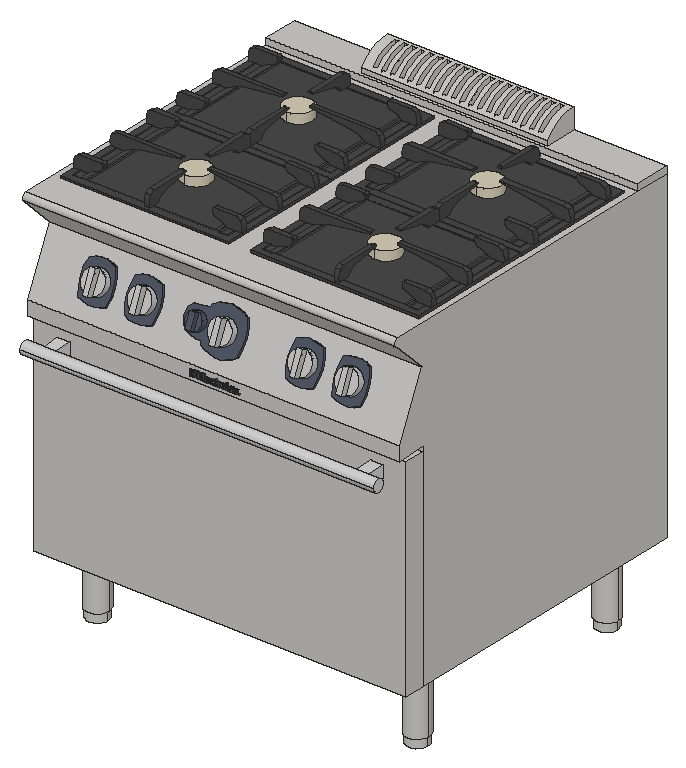
Revit family "QF_ELECTROLUXPROFESSIONAL_371002_E7GCGH4CG0", category Specialty Equipment, Revit 2018
Family settings
  Round Connector Dimension = Use Diameter
  Part Type = Normal
  Work Plane-Based = No
  Always vertical = Yes
  Cut with Voids When Loaded = No
  Shared = No
  Room Calculation Point = No
Parameters
  Width = 800 mm  # constant formula
  Weight in Pounds = 176  # constant formula
  Watts = 0 W
  URL Cutsheet = "www.electrolux.com"
  URL = "www.electrolux.com"
  Type Mark [instance] = ""
  Status [instance] = ""
  Specification by User [instance] = ""
  Specification by Manufacturer = ""
  Show Logo [instance] = yes
  Show Clearance [instance] = yes
  Serial Number = ""
  Seismic Rating = ""
  SMACNA No = ""
  Revision Code [instance] = ""
  Omniclass Number and Title = ""
  NAFEM Spec ID Number = ""
  Model = "371002"
  Mechanical Remarks [instance] = ""
  Mechanical Connection Type [instance] = ""
  Masterspec = ""
  Manufacturer = "ELECTROLUX"
  Item Number [instance] = ""
  Installed By [instance] = ""
  Identify Quantity as Lot [instance] = yes
  Height = 908.9 mm  # constant formula
  HP = "0 HP"
  Gas Size = 12.7 mm  # 1/2"
  Gas RI Height [instance] = 0 mm
  Gas KW [instance] = 28  # constant formula
  Gas Input [instance] = 27974.2 VA  # 95452.0 Btu/h
  Gas Connection Height = 0 mm
  Furnished By [instance] = ""
  Foodservice Equipment Identifier [instance] = yes
  Direct Waste Size = 0"
  Description = "700XP 4-Burner Gas Range on Gas Oven"
  Depth = 700 mm  # constant formula
  CSI MasterFormat = ""
  CSI Master Format = ""
  Assembly Code = ""
Reference planes
  plane 1 "BACK": y = 0
  plane 2: z = 0
  plane 3 "LEFT": x = 0
  plane 4 "RIGHT": x = 800
  plane 5 "FRONT": y = -700
  plane 6 "TOP": z = 908.9
  plane 7 "Center Y": x = 400
  plane 8 "Center X": y = -350
  plane 9 "Base": z = 150
  plane 10: z = 850.9
  plane 11: y = -730.129
  plane 12: y = -1109
Forms (mm)
  Revolve 1, solid, material "QF_Finishes_Stainless Steel"
    sketch origin (1, -90, 0) x (1, 0, 0) y (0, 0, 1)
      loop
        line (55, 0) -> (55, 150) -> (29.6, 150) -> (29.6, 19.05) -> (32.1, 19.05) -> (32.1, 0) -> (55, 0)
      axis (55, 0) -> (55, 150)
    angle from 0 to 360
  Revolve 2, solid, material "QF_Finishes_Stainless Steel"
    sketch origin (1, -599.588, 0) x (1, 0, 0) y (0, 0, 1)
      loop
        line (55, 0) -> (55, 150) -> (29.6, 150) -> (29.6, 19.05) -> (32.1, 19.05) -> (32.1, 0) -> (55, 0)
      axis (55, 0) -> (55, 150)
    angle from 0 to 360
  Revolve 3, solid, material "QF_Finishes_Stainless Steel"
    sketch origin (799, -90, 0) x (-1, 0, 0) y (0, 0, -1)
      loop
        line (55, 0) -> (32.1, 0) -> (32.1, -19.05) -> (29.6, -19.05) -> (29.6, -150) -> (55, -150) -> (55, 0)
      axis (55, 0) -> (55, -150)
    angle from 0 to 360
  Revolve 4, solid, material "QF_Finishes_Stainless Steel"
    sketch origin (799, -599.588, 0) x (-1, 0, 0) y (0, 0, -1)
      loop
        line (55, 0) -> (32.1, 0) -> (32.1, -19.05) -> (29.6, -19.05) -> (29.6, -150) -> (55, -150) -> (55, 0)
      axis (55, 0) -> (55, -150)
    angle from 0 to 360
  Extrusion 5, solid, material "QF_Finishes_Stainless Steel"
    sketch origin (0, 0, 576.213) x (0, 1, 0) y (0, 0, 1)
      loop
        line (0, -426.213) -> (0, 274.687) -> (-721.5, 274.687)
        arc (-721.5, 274.687) -> (-729.472, 269.36) -> (-727.602, 259.956) r 8.63
        line (-727.602, 259.956) -> (-658.266, 190.62) -> (-715.962, 65.264) -> (-715.962, 33.966) -> (-655.839, 38.662)
        arc (-655.839, 38.662) -> (-653.314, 37.914) -> (-652.222, 35.518) r 3.175
        line (-652.222, 35.518) -> (-652.222, -426.213) -> (0, -426.213)
    from 0 to 800
  Extrusion 6, solid, material "QF_Finishes_Stainless Steel"
    sketch origin (0, -652.222, 611.731) x (0, 0, -1) y (1, 0, 0)
      loop
        line (461.731, 0) -> (461.731, 800) -> (9.61, 800) -> (9.61, 0) -> (461.731, 0)
    from 3.175 to 47.778
  Extrusion 7, solid, material "QF_Finishes_Handrails and Railings"
    sketch origin (0, 0, 0) x (0, 1, 0) y (0, 0, 1)
      loop
        line (-700, 580.001) -> (-738.678, 577.296)
        arc (-738.678, 577.296) -> (-739.871, 563.489) -> (-752.981, 558.993) r 12.7
        arc (-752.981, 558.993) -> (-752.44, 558.176) -> (-751.841, 557.401) r 13.441
        arc (-751.841, 557.401) -> (-750.036, 555.955) -> (-747.808, 555.335) r 5.77
        line (-747.808, 555.335) -> (-700, 551.992) -> (-700, 580.001)
    from 50.8 to 76.2
  Extrusion 8, solid, material "QF_Finishes_Handrails and Railings"
    sketch origin (800, 0, 0) x (0, 1, 0) y (0, 0, -1)
      loop
        line (-700, -580.001) -> (-700, -551.992) -> (-747.808, -555.335)
        arc (-747.808, -555.335) -> (-750.036, -555.955) -> (-751.841, -557.401) r 5.77
        arc (-751.841, -557.401) -> (-752.44, -558.176) -> (-752.981, -558.993) r 13.441
        arc (-752.981, -558.993) -> (-739.871, -563.489) -> (-738.678, -577.296) r 12.7
        line (-738.678, -577.296) -> (-700, -580.001)
    from 50.8 to 76.2
  Extrusion 9, solid, material "QF_Finishes_Handrails and Railings"
    sketch origin (0, 0, 0) x (0, 1, 0) y (0, 0, 1)
      loop
        circle (-749.878, 571.309) r 12.7
    from 19.875 to 780.125
  Extrusion 10, solid, material "QF_Finishes_Stainless Steel"
    sketch origin (0, 0, 576.213) x (0, 1, 0) y (0, 0, 1)
      loop
        line (0, 274.687) -> (0, 288.975) -> (-76.2, 288.975) -> (-76.2, 274.687) -> (0, 274.687)
    from 0 to 800
  Extrusion 11, solid, material "QF_Finishes_Navy Blue"
    sketch origin (7.744, -713.772, 646.186) x (0, 0.418102, 0.9084) y (-1, 0, 0)
      loop
        arc (102.623, -190.47) -> (67.041, -182.846) -> (31.333, -189.853) r 90.5
        arc (31.333, -189.853) -> (24.507, -219.04) -> (31.333, -248.228) r 65.817
        arc (31.333, -248.228) -> (67.04, -255.188) -> (102.623, -247.615) r 91.066
        arc (102.623, -247.615) -> (109.179, -219.043) -> (102.623, -190.47) r 65.546
      loop
        arc (102.623, -90.47) -> (67.041, -82.846) -> (31.333, -89.853) r 90.5
        arc (31.333, -89.853) -> (24.507, -119.04) -> (31.333, -148.228) r 65.817
        arc (31.333, -148.228) -> (67.04, -155.188) -> (102.623, -147.615) r 91.066
        arc (102.623, -147.615) -> (109.179, -119.043) -> (102.623, -90.47) r 65.546
      loop
        arc (102.623, -594.043) -> (109.179, -565.47) -> (102.623, -536.897) r 65.546
        arc (102.623, -536.897) -> (67.04, -529.324) -> (31.333, -536.284) r 91.066
        arc (31.333, -536.284) -> (24.507, -565.472) -> (31.333, -594.66) r 65.817
        arc (31.333, -594.66) -> (67.041, -601.667) -> (102.623, -594.043) r 90.5
      loop
        arc (102.623, -694.043) -> (109.179, -665.47) -> (102.623, -636.897) r 65.546
        arc (102.623, -636.897) -> (67.04, -629.324) -> (31.333, -636.284) r 91.066
        arc (31.333, -636.284) -> (24.507, -665.472) -> (31.333, -694.66) r 65.817
        arc (31.333, -694.66) -> (67.041, -701.667) -> (102.623, -694.043) r 90.5
    from 0 to 3.175
  Extrusion 12, solid, material "QF_Finishes_Stainless Steel"
    sketch origin (386.494, -717.485, 645.711) x (0, 0.418102, 0.9084) y (-1, 0, 0)
      loop
        circle (68.826, -13.506) r 25.4
      loop
        circle (68.826, 159.037) r 25.4
      loop
        circle (68.826, 259.037) r 25.4
      loop
        circle (68.826, -186.049) r 25.4
      loop
        circle (68.826, -286.049) r 25.4
    from 0 to 12.7
  Extrusion 13, solid, material "QF_Finishes_Navy Blue"
    sketch origin (-139.713, -713.772, 646.186) x (0, 0.418102, 0.9084) y (-1, 0, 0)
      loop
        arc (104.355, -502.587) -> (101.326, -501.258) -> (98.25, -500.039) r 91.066
        arc (98.25, -500.039) -> (96.592, -482.449) -> (93.213, -465.107) r 179.528
        arc (93.213, -465.107) -> (69.244, -452.795) -> (45.274, -465.107) r 29.489
        arc (45.274, -465.107) -> (38.909, -481.441) -> (37.449, -498.912) r 61.044
        arc (37.449, -498.912) -> (34.471, -499.962) -> (31.532, -501.116) r 91.066
        arc (31.532, -501.116) -> (19.517, -540.223) -> (32.929, -578.873) r 65.817
        arc (32.929, -578.873) -> (68.105, -585.173) -> (102.996, -577.452) r 91.066
        arc (102.996, -577.452) -> (115.418, -540.233) -> (104.355, -502.587) r 65.546
    from 0 to 3.175
  Extrusion 14, solid, material "QF_Finishes_Stainless Steel"
    sketch origin (239.037, -729.022, 651.021) x (0, 0.418102, 0.9084) y (-1, 0, 0)
      loop
        arc (93.558, -166.749) -> (94.226, -160.963) -> (93.558, -155.177) r 25.4
        line (93.558, -155.177) -> (44.094, -155.177)
        arc (44.094, -155.177) -> (43.426, -160.963) -> (44.094, -166.749) r 25.4
        line (44.094, -166.749) -> (93.558, -166.749)
    from 0 to 12.7
  Extrusion 15, solid, material "QF_Finishes_Navy Blue"
    sketch origin (181.537, -717.485, 645.711) x (0, 0.418102, 0.9084) y (-1, 0, 0)
      loop
        circle (68.826, -160.963) r 18.37
    from 0 to 12.7
  Extrusion 16, solid, material "QF_Finishes_Navy Blue"
    sketch origin (180.246, -729.022, 651.021) x (0, 0.418102, 0.9084) y (-1, 0, 0)
      loop
        arc (84.808, -167.687) -> (85.476, -161.901) -> (84.808, -156.114) r 25.4
        line (84.808, -156.114) -> (52.844, -156.114)
        arc (52.844, -156.114) -> (52.176, -161.901) -> (52.844, -167.687) r 25.4
        line (52.844, -167.687) -> (84.808, -167.687)
    from 0 to 8.112
  Extrusion 17, solid, material "QF_Finishes_Stainless Steel"
    sketch origin (0, 0, 150) x (-1, 0, 0) y (0, -1, 0)
      loop
        circle (-747.612, 464) r 6.35
    from -8.815 to 7.722
  Extrusion 18, solid, material "QF_Finishes_Door Clearance", visible <- "Show Clearance", detail levels coarse
    sketch origin (0, 0, 0) x (0, 1, 0) y (0, 0, 1)
      loop
        line (-1109, 150) -> (-700, 150) -> (-700, 601.405)
        arc (-700, 601.405) -> (-991.543, 454.568) -> (-1109, 150) r 453.603
    from 0 to 800
  Extrusion 19, solid, material "QF_Finishes_Clearance", visible <- "Show Clearance", detail levels coarse
    sketch origin (0, 0, 0) x (1, 0, 0) y (0, 1, 0)
      loop
        line (-150, -730.129) -> (0, -730.129) -> (0, 0) -> (800, 0) -> (800, -730.129) -> (950, -730.129) -> (950, 150) -> (-150, 150) -> (-150, -730.129)
    from 0 to 908.85
  Extrusion 20, solid, material "QF_Finishes_Stainless Steel"
    sketch origin (66.494, -729.022, 651.021) x (0, 0.418102, 0.9084) y (-1, 0, 0)
      loop
        arc (93.558, -166.749) -> (94.226, -160.963) -> (93.558, -155.177) r 25.4
        line (93.558, -155.177) -> (44.094, -155.177)
        arc (44.094, -155.177) -> (43.426, -160.963) -> (44.094, -166.749) r 25.4
        line (44.094, -166.749) -> (93.558, -166.749)
    from 0 to 12.7
  Extrusion 21, solid, material "QF_Finishes_Stainless Steel"
    sketch origin (-33.506, -729.022, 651.021) x (0, 0.418102, 0.9084) y (-1, 0, 0)
      loop
        arc (93.558, -166.749) -> (94.226, -160.963) -> (93.558, -155.177) r 25.4
        line (93.558, -155.177) -> (44.094, -155.177)
        arc (44.094, -155.177) -> (43.426, -160.963) -> (44.094, -166.749) r 25.4
        line (44.094, -166.749) -> (93.558, -166.749)
    from 0 to 12.7
  Extrusion 22, void
    sketch origin (-65.011, 0, 865.138) x (-1, 0, 0) y (0, -1, 0)
      loop
        line (-295.005, 6.761) -> (-285.709, 6.761) -> (-285.709, 63.911) -> (-295.005, 63.911) -> (-295.005, 6.761)
      loop
        line (-313.697, 6.761) -> (-304.401, 6.761) -> (-304.401, 63.911) -> (-313.697, 63.911) -> (-313.697, 6.761)
      loop
        line (-332.39, 6.761) -> (-323.094, 6.761) -> (-323.094, 63.911) -> (-332.39, 63.911) -> (-332.39, 6.761)
      loop
        line (-351.082, 6.761) -> (-341.787, 6.761) -> (-341.787, 63.911) -> (-351.082, 63.911) -> (-351.082, 6.761)
      loop
        line (-369.775, 6.761) -> (-360.479, 6.761) -> (-360.479, 63.911) -> (-369.775, 63.911) -> (-369.775, 6.761)
      loop
        line (-388.468, 6.761) -> (-379.172, 6.761) -> (-379.172, 63.911) -> (-388.468, 63.911) -> (-388.468, 6.761)
      loop
        line (-407.16, 6.761) -> (-397.864, 6.761) -> (-397.864, 63.911) -> (-407.16, 63.911) -> (-407.16, 6.761)
      loop
        line (-425.853, 6.761) -> (-416.557, 6.761) -> (-416.557, 63.911) -> (-425.853, 63.911) -> (-425.853, 6.761)
      loop
        line (-444.545, 6.761) -> (-435.25, 6.761) -> (-435.25, 63.911) -> (-444.545, 63.911) -> (-444.545, 6.761)
      loop
        line (-463.238, 6.761) -> (-453.942, 6.761) -> (-453.942, 63.911) -> (-463.238, 63.911) -> (-463.238, 6.761)
      loop
        line (-481.931, 6.761) -> (-472.635, 6.761) -> (-472.635, 63.911) -> (-481.931, 63.911) -> (-481.931, 6.761)
      loop
        line (-500.623, 6.761) -> (-491.328, 6.761) -> (-491.328, 63.911) -> (-500.623, 63.911) -> (-500.623, 6.761)
      loop
        line (-519.316, 6.761) -> (-510.02, 6.761) -> (-510.02, 63.911) -> (-519.316, 63.911) -> (-519.316, 6.761)
      loop
        line (-538.008, 6.761) -> (-528.713, 6.761) -> (-528.713, 63.911) -> (-538.008, 63.911) -> (-538.008, 6.761)
      loop
        line (-556.701, 6.761) -> (-547.405, 6.761) -> (-547.405, 63.911) -> (-556.701, 63.911) -> (-556.701, 6.761)
      loop
        line (-575.394, 6.761) -> (-566.098, 6.761) -> (-566.098, 63.911) -> (-575.394, 63.911) -> (-575.394, 6.761)
      loop
        line (-594.086, 6.761) -> (-584.791, 6.761) -> (-584.791, 63.911) -> (-594.086, 63.911) -> (-594.086, 6.761)
      loop
        line (-612.779, 6.761) -> (-603.483, 6.761) -> (-603.483, 63.911) -> (-612.779, 63.911) -> (-612.779, 6.761)
      loop
        line (-631.472, 6.761) -> (-622.176, 6.761) -> (-622.176, 63.911) -> (-631.472, 63.911) -> (-631.472, 6.761)
      loop
        line (-650.164, 6.761) -> (-640.868, 6.761) -> (-640.868, 63.911) -> (-650.164, 63.911) -> (-650.164, 6.761)
    from 9.525 to 45.348
  Extrusion 23, solid, material "QF_Finishes_Stainless Steel"
    sketch origin (-200, 0, 590.5) x (0, 1, 0) y (0, 0, 1)
      loop
        line (0, 274.688) -> (0, 318.4)
        arc (0, 318.4) -> (-39.072, 309.779) -> (-69.85, 284.212) r 84.854
        line (-69.85, 284.212) -> (-69.85, 274.688) -> (0, 274.688)
    from 400 to 800
  Extrusion 24, solid, material "QF_Finishes_Stainless Steel"
    sketch origin (733.506, -729.022, 651.021) x (0, 0.418102, 0.9084) y (-1, 0, 0)
      loop
        line (93.558, 166.749) -> (44.094, 166.749)
        arc (44.094, 166.749) -> (43.426, 160.963) -> (44.094, 155.177) r 25.4
        line (44.094, 155.177) -> (93.558, 155.177)
        arc (93.558, 155.177) -> (94.226, 160.963) -> (93.558, 166.749) r 25.4
    from 0 to 12.7
  Extrusion 25, solid, material "QF_Finishes_Stainless Steel"
    sketch origin (833.506, -729.022, 651.021) x (0, 0.418102, 0.9084) y (-1, 0, 0)
      loop
        line (93.558, 166.749) -> (44.094, 166.749)
        arc (44.094, 166.749) -> (43.426, 160.963) -> (44.094, 155.177) r 25.4
        line (44.094, 155.177) -> (93.558, 155.177)
        arc (93.558, 155.177) -> (94.226, 160.963) -> (93.558, 166.749) r 25.4
    from 0 to 12.7
  Extrusion 26, solid, material "QF_Finishes_Navy Blue", visible <- "Show Logo"
    sketch origin (61.109, -715.962, 610.773) x (0, 0, 1) y (-1, 0, 0)
      loop
        line (20.674, -296.698) -> (8.307, -296.698)
        arc (8.307, -296.698) -> (14.491, -301.27) -> (20.674, -296.698) r 6.467
      loop
        arc (20.674, -296.069) -> (19.505, -290.926) -> (14.849, -288.448) r 6.338
        line (14.849, -288.448) -> (14.849, -290.494)
        arc (14.849, -290.494) -> (16.333, -294.149) -> (19.778, -296.069) r 5.941
        line (19.778, -296.069) -> (20.674, -296.069)
      loop
        arc (9.203, -296.069) -> (12.648, -294.149) -> (14.132, -290.494) r 5.941
        line (14.132, -290.494) -> (14.132, -288.448)
        arc (14.132, -288.448) -> (9.438, -290.922) -> (8.148, -296.069) r 6.504
        line (8.148, -296.069) -> (9.203, -296.069)
      loop
        line (21.349, -287.979) -> (7.604, -287.979) -> (7.604, -301.742) -> (21.349, -301.742) -> (21.349, -287.979)
      loop
        arc (21.432, -304.71) -> (21.085, -304.352) -> (20.718, -304.69) r 0.358
        arc (20.718, -304.69) -> (20.404, -305.44) -> (19.687, -305.825) r 1.216
        line (19.687, -305.825) -> (9.274, -305.825)
        arc (9.274, -305.825) -> (8.614, -305.548) -> (8.218, -304.951) r 1.238
        arc (8.218, -304.951) -> (7.823, -304.7) -> (7.518, -305.054) r 0.358
        line (7.518, -305.054) -> (7.518, -314.933) -> (10.269, -314.933) -> (10.269, -314.036)
        arc (10.269, -314.036) -> (9.36, -313.456) -> (8.904, -312.479) r 1.928
        line (8.904, -312.479) -> (8.904, -309.98)
        arc (8.904, -309.98) -> (9.18, -309.251) -> (9.868, -308.887) r 1.101
        line (9.868, -308.887) -> (13.955, -308.887) -> (13.955, -312.561)
        arc (13.955, -312.561) -> (13.602, -313.058) -> (13.037, -313.286) r 1.083
        arc (13.037, -313.286) -> (12.773, -313.591) -> (13.065, -313.869) r 0.292
        line (13.065, -313.869) -> (16.028, -313.869)
        arc (16.028, -313.869) -> (16.33, -313.596) -> (16.092, -313.266) r 0.305
        arc (16.092, -313.266) -> (15.601, -313.018) -> (15.296, -312.561) r 1.083
        line (15.296, -312.561) -> (15.296, -308.887) -> (19.973, -308.887) -> (19.973, -312.635)
        arc (19.973, -312.635) -> (19.759, -313.39) -> (19.153, -313.888) r 1.314
        arc (19.153, -313.888) -> (18.934, -314.292) -> (19.288, -314.585) r 0.361
        line (19.288, -314.585) -> (21.432, -314.585) -> (21.432, -304.71)
      loop
        arc (20.715, -315.365) -> (20.335, -316.284) -> (19.416, -316.664) r 1.299
        line (19.416, -316.664) -> (9.837, -316.664)
        arc (9.837, -316.664) -> (8.999, -316.286) -> (8.728, -315.408) r 1.118
        line (8.728, -315.408) -> (7.518, -315.408) -> (7.518, -320.758) -> (8.706, -320.758)
        arc (8.706, -320.758) -> (8.978, -319.841) -> (9.848, -319.445) r 1.153
        line (9.848, -319.445) -> (21.92, -319.445) -> (20.715, -315.365)
      loop
        line (12.483, -323.394) -> (12.483, -329.842) -> (13.282, -329.842)
        arc (13.282, -329.842) -> (15.862, -328.857) -> (17.131, -326.404) r 3.874
        line (17.131, -326.404) -> (17.131, -324.643)
        arc (17.131, -324.643) -> (15.944, -321.778) -> (13.08, -320.592) r 4.051
        line (13.08, -320.592) -> (11.072, -320.592)
        arc (11.072, -320.592) -> (8.253, -322.077) -> (7.202, -325.084) r 4.352
        arc (7.202, -325.084) -> (7.566, -327.547) -> (8.943, -329.621) r 5.713
        line (8.943, -329.621) -> (9.892, -329.621)
        arc (9.892, -329.621) -> (9.16, -328.052) -> (8.943, -326.334) r 5.579
        arc (8.943, -326.334) -> (9.737, -324.371) -> (11.616, -323.394) r 3.057
        line (11.616, -323.394) -> (12.483, -323.394)
      loop
        line (13.742, -323.394) -> (13.742, -326.977)
        arc (13.742, -326.977) -> (15.199, -327.024) -> (16.082, -325.864) r 1.59
        line (16.082, -325.864) -> (16.082, -325.034)
        arc (16.082, -325.034) -> (15.217, -323.779) -> (13.742, -323.394) r 2.184
      loop
        arc (16.533, -339.259) -> (17.022, -337.585) -> (17.179, -335.848) r 9.023
        line (17.179, -335.848) -> (17.179, -334.486)
        arc (17.179, -334.486) -> (16.02, -331.686) -> (13.22, -330.527) r 3.959
        line (13.22, -330.527) -> (10.62, -330.527)
        arc (10.62, -330.527) -> (8.338, -331.819) -> (7.221, -334.192) r 4.331
        line (7.221, -334.192) -> (7.221, -336.327)
        arc (7.221, -336.327) -> (7.729, -337.877) -> (8.651, -339.223) r 5.772
        arc (8.651, -339.223) -> (9.412, -339.274) -> (9.499, -338.515) r 0.553
        arc (9.499, -338.515) -> (9.111, -337.781) -> (8.977, -336.962) r 2.573
        line (8.977, -336.962) -> (8.977, -335.447)
        arc (8.977, -335.447) -> (9.983, -333.806) -> (11.798, -333.163) r 2.884
        line (11.798, -333.163) -> (13.077, -333.163)
        arc (13.077, -333.163) -> (14.898, -333.723) -> (15.824, -335.388) r 2.554
        line (15.824, -335.388) -> (15.824, -336.441)
        arc (15.824, -336.441) -> (15.493, -337.369) -> (14.836, -338.104) r 2.564
        arc (14.836, -338.104) -> (14.614, -338.821) -> (15.223, -339.259) r 0.643
        line (15.223, -339.259) -> (16.533, -339.259)
      loop
        line (15.515, -339.53) -> (15.515, -341.031) -> (9.467, -341.031)
        arc (9.467, -341.031) -> (7.879, -341.688) -> (7.221, -343.276) r 2.246
        line (7.221, -343.276) -> (7.221, -344.86)
        arc (7.221, -344.86) -> (7.535, -345.725) -> (8.035, -346.496) r 4.06
        arc (8.035, -346.496) -> (8.768, -346.629) -> (9.019, -345.928) r 0.576
        arc (9.019, -345.928) -> (8.913, -345.403) -> (8.977, -344.87) r 1.69
        arc (8.977, -344.87) -> (9.519, -344.082) -> (10.425, -343.779) r 1.506
        line (10.425, -343.779) -> (15.563, -343.779) -> (15.563, -346.176) -> (16.119, -346.733) -> (16.941, -346.733) -> (16.941, -343.873) -> (20.172, -343.873) -> (15.515, -339.53)
      loop
        line (7.438, -347.63) -> (7.438, -353.017) -> (8.548, -353.017)
        arc (8.548, -353.017) -> (8.942, -352.066) -> (9.893, -351.672) r 1.345
        line (9.893, -351.672) -> (13.509, -351.672)
        arc (13.509, -351.672) -> (14.274, -352.264) -> (14.564, -353.186) r 1.615
        line (14.564, -353.186) -> (14.564, -354.742) -> (17.119, -355.427) -> (17.119, -354.044) -> (15.177, -351.485) -> (17.057, -351.485) -> (16.773, -348.779)
        arc (16.773, -348.779) -> (16.333, -348.249) -> (15.674, -348.45) r 0.621
        arc (15.674, -348.45) -> (15.274, -348.792) -> (14.78, -348.975) r 1.501
        line (14.78, -348.975) -> (9.893, -348.975)
        arc (9.893, -348.975) -> (8.942, -348.581) -> (8.548, -347.63) r 1.345
        line (8.548, -347.63) -> (7.438, -347.63)
      loop
        line (13.54, -354.964) -> (10.848, -354.964)
        arc (10.848, -354.964) -> (8.403, -356.272) -> (7.269, -358.803) r 4.288
        arc (7.269, -358.803) -> (7.205, -360.183) -> (7.269, -361.563) r 15.022
        arc (7.269, -361.563) -> (8.403, -364.094) -> (10.848, -365.401) r 4.288
        line (10.848, -365.401) -> (13.54, -365.401)
        arc (13.54, -365.401) -> (15.986, -364.094) -> (17.119, -361.563) r 4.288
        arc (17.119, -361.563) -> (17.183, -360.183) -> (17.119, -358.803) r 15.022
        arc (17.119, -358.803) -> (15.986, -356.272) -> (13.54, -354.964) r 4.288
      loop
        line (13.745, -358.078) -> (10.643, -358.078)
        arc (10.643, -358.078) -> (8.486, -360.235) -> (10.643, -362.392) r 2.157
        line (10.643, -362.392) -> (13.745, -362.392)
        arc (13.745, -362.392) -> (15.902, -360.235) -> (13.745, -358.078) r 2.157
      loop
        arc (20.726, -365.26) -> (20.355, -366.154) -> (19.461, -366.524) r 1.264
        line (19.461, -366.524) -> (9.597, -366.524)
        arc (9.597, -366.524) -> (8.727, -366.127) -> (8.455, -365.211) r 1.153
        line (8.455, -365.211) -> (7.518, -365.211) -> (7.518, -370.319) -> (8.446, -370.319)
        arc (8.446, -370.319) -> (8.805, -369.547) -> (9.597, -369.232) r 1.153
        line (9.597, -369.232) -> (21.92, -369.232) -> (20.726, -365.26)
      loop
        arc (15.846, -369.857) -> (15.647, -370.921) -> (14.678, -371.403) r 1.215
        line (14.678, -371.403) -> (9.658, -371.403)
        arc (9.658, -371.403) -> (8.043, -372.051) -> (7.322, -373.634) r 2.338
        line (7.322, -373.634) -> (7.322, -375.148)
        arc (7.322, -375.148) -> (7.497, -376.152) -> (7.999, -377.038) r 2.979
        line (7.999, -377.038) -> (7.518, -378.835) -> (7.518, -380.524) -> (16.943, -380.524) -> (16.649, -376.32) -> (15.863, -376.32)
        arc (15.863, -376.32) -> (15.507, -377.156) -> (14.755, -377.665) r 1.605
        line (14.755, -377.665) -> (9.652, -377.665)
        arc (9.652, -377.665) -> (9.232, -376.728) -> (9.159, -375.704) r 2.94
        arc (9.159, -375.704) -> (9.72, -374.603) -> (10.873, -374.16) r 1.724
        line (10.873, -374.16) -> (17.07, -374.16) -> (15.846, -369.857)
      loop
        line (16.874, -381.377) -> (15.202, -383.423) -> (12.028, -385.729) -> (8.572, -382.617)
        arc (8.572, -382.617) -> (8.335, -382.223) -> (8.357, -381.764) r 0.789
        line (8.357, -381.764) -> (7.518, -381.764) -> (7.518, -385.309) -> (8.344, -385.309)
        arc (8.344, -385.309) -> (8.686, -384.947) -> (9.176, -385.039) r 0.52
        line (9.176, -385.039) -> (10.976, -386.51) -> (8.858, -387.886)
        arc (8.858, -387.886) -> (8.457, -387.576) -> (8.37, -387.076) r 0.7
        line (8.37, -387.076) -> (7.518, -387.076) -> (7.518, -393.003) -> (8.405, -393.003)
        arc (8.405, -393.003) -> (8.472, -392.344) -> (8.866, -391.813) r 1.247
        line (8.866, -391.813) -> (13.066, -388.532) -> (15.513, -390.585) -> (16.874, -392.327) -> (16.874, -388.604) -> (15.389, -389.026) -> (13.868, -387.749) -> (15.568, -386.559) -> (16.874, -387.336) -> (16.874, -381.377)
    from 0 to 1.644
Cuts and joins
  Extrusion 22 cuts Extrusion 19
  Extrusion 22 cuts Extrusion 23
Lines and regions (mm)
  symbolic lines, style "QF-Door Swings"
    curve 1: line (0, -730.129, 150) -> (0, -1109, 150)
    curve 2: line (0, -1109, 150) -> (800, -1109, 150)
    curve 3: line (800, -1109, 150) -> (800, -730.129, 150)
  symbolic lines
    curve 4: line (800, -730.129, 150) -> (0, -730.129, 150)
    curve 5: line (0, 0, 150) -> (0, -730.129, 150)
    curve 6: line (0, -69.85, 150) -> (800, -69.85, 150)
    curve 7: line (0, -76.2, 150) -> (800, -76.2, 150)
    curve 8: line (800, -730.129, 150) -> (800, 0, 150)
    curve 9: line (0, 0, 150) -> (800, 0, 150)
    curve 13: line (50.8, -738.678, 150) -> (50.8, -730.129, 150)
    curve 14: line (76.2, -730.129, 150) -> (76.2, -738.678, 150)
    curve 15: line (19.875, -737.178, 150) -> (50.8, -737.178, 150)
    curve 16: line (19.875, -762.578, 150) -> (19.875, -737.178, 150)
    curve 17: line (780.125, -762.578, 150) -> (19.875, -762.578, 150)
    curve 18: line (780.125, -737.178, 150) -> (780.125, -762.578, 150)
    curve 19: line (749.2, -738.678, 150) -> (749.2, -730.129, 150)
    curve 20: line (723.8, -738.678, 150) -> (723.8, -730.129, 150)
    curve 21: line (723.8, -738.678, 150) -> (749.2, -738.678, 150)
    curve 22: line (50.8, -738.678, 150) -> (76.2, -738.678, 150)
    curve 23: line (76.2, -737.178, 150) -> (723.8, -737.178, 150)
    curve 24: line (749.2, -737.178, 150) -> (780.125, -737.178, 150)
    curve 25: line (229.994, -6.761, 150) -> (229.994, -63.911, 150)
    curve 26: line (229.994, -63.911, 150) -> (220.698, -63.911, 150)
    curve 27: line (220.698, -63.911, 150) -> (220.698, -6.761, 150)
    curve 28: line (220.698, -6.761, 150) -> (229.994, -6.761, 150)
    curve 29: line (435.612, -6.761, 150) -> (435.612, -63.911, 150)
    curve 30: line (435.612, -63.911, 150) -> (426.317, -63.911, 150)
    curve 31: line (426.317, -63.911, 150) -> (426.317, -6.761, 150)
    curve 32: line (426.317, -6.761, 150) -> (435.612, -6.761, 150)
    curve 33: line (416.92, -6.761, 150) -> (416.92, -63.911, 150)
    curve 34: line (416.92, -63.911, 150) -> (407.624, -63.911, 150)
    curve 35: line (407.624, -63.911, 150) -> (407.624, -6.761, 150)
    curve 36: line (407.624, -6.761, 150) -> (416.92, -6.761, 150)
    curve 37: line (398.227, -6.761, 150) -> (398.227, -63.911, 150)
    curve 38: line (398.227, -63.911, 150) -> (388.931, -63.911, 150)
    curve 39: line (388.931, -63.911, 150) -> (388.931, -6.761, 150)
    curve 40: line (388.931, -6.761, 150) -> (398.227, -6.761, 150)
    curve 41: line (379.534, -6.761, 150) -> (379.534, -63.911, 150)
    curve 42: line (379.534, -63.911, 150) -> (370.239, -63.911, 150)
    curve 43: line (370.239, -63.911, 150) -> (370.239, -6.761, 150)
    curve 44: line (370.239, -6.761, 150) -> (379.534, -6.761, 150)
    curve 45: line (360.842, -6.761, 150) -> (360.842, -63.911, 150)
    curve 46: line (360.842, -63.911, 150) -> (351.546, -63.911, 150)
    curve 47: line (351.546, -63.911, 150) -> (351.546, -6.761, 150)
    curve 48: line (351.546, -6.761, 150) -> (360.842, -6.761, 150)
    curve 49: line (342.149, -6.761, 150) -> (342.149, -63.911, 150)
    curve 50: line (342.149, -63.911, 150) -> (332.854, -63.911, 150)
    curve 51: line (332.854, -63.911, 150) -> (332.854, -6.761, 150)
    curve 52: line (332.854, -6.761, 150) -> (342.149, -6.761, 150)
    curve 53: line (323.457, -6.761, 150) -> (323.457, -63.911, 150)
    curve 54: line (323.457, -63.911, 150) -> (314.161, -63.911, 150)
    curve 55: line (314.161, -63.911, 150) -> (314.161, -6.761, 150)
    curve 56: line (314.161, -6.761, 150) -> (323.457, -6.761, 150)
    curve 57: line (304.764, -6.761, 150) -> (304.764, -63.911, 150)
    curve 58: line (304.764, -63.911, 150) -> (295.468, -63.911, 150)
    curve 59: line (295.468, -63.911, 150) -> (295.468, -6.761, 150)
    curve 60: line (295.468, -6.761, 150) -> (304.764, -6.761, 150)
    curve 61: line (286.071, -6.761, 150) -> (286.071, -63.911, 150)
    curve 62: line (286.071, -63.911, 150) -> (276.776, -63.911, 150)
    curve 63: line (276.776, -63.911, 150) -> (276.776, -6.761, 150)
    curve 64: line (276.776, -6.761, 150) -> (286.071, -6.761, 150)
    curve 65: line (267.379, -6.761, 150) -> (267.379, -63.911, 150)
    curve 66: line (267.379, -63.911, 150) -> (258.083, -63.911, 150)
    curve 67: line (258.083, -63.911, 150) -> (258.083, -6.761, 150)
    curve 68: line (258.083, -6.761, 150) -> (267.379, -6.761, 150)
    curve 69: line (248.686, -6.761, 150) -> (248.686, -63.911, 150)
    curve 70: line (248.686, -63.911, 150) -> (239.39, -63.911, 150)
    curve 71: line (239.39, -63.911, 150) -> (239.39, -6.761, 150)
    curve 72: line (239.39, -6.761, 150) -> (248.686, -6.761, 150)
    curve 73: line (585.153, -6.761, 150) -> (585.153, -63.911, 150)
    curve 74: line (585.153, -63.911, 150) -> (575.857, -63.911, 150)
    curve 75: line (575.857, -63.911, 150) -> (575.857, -6.761, 150)
    curve 76: line (575.857, -6.761, 150) -> (585.153, -6.761, 150)
    curve 77: line (566.461, -6.761, 150) -> (566.461, -63.911, 150)
    curve 78: line (566.461, -63.911, 150) -> (557.165, -63.911, 150)
    curve 79: line (557.165, -63.911, 150) -> (557.165, -6.761, 150)
    curve 80: line (557.165, -6.761, 150) -> (566.461, -6.761, 150)
    curve 81: line (547.768, -6.761, 150) -> (547.768, -63.911, 150)
    curve 82: line (547.768, -63.911, 150) -> (538.472, -63.911, 150)
    curve 83: line (538.472, -63.911, 150) -> (538.472, -6.761, 150)
    curve 84: line (538.472, -6.761, 150) -> (547.768, -6.761, 150)
    curve 85: line (529.075, -6.761, 150) -> (529.075, -63.911, 150)
    curve 86: line (529.075, -63.911, 150) -> (519.78, -63.911, 150)
    curve 87: line (519.78, -63.911, 150) -> (519.78, -6.761, 150)
    curve 88: line (519.78, -6.761, 150) -> (529.075, -6.761, 150)
    curve 89: line (510.383, -6.761, 150) -> (510.383, -63.911, 150)
    curve 90: line (510.383, -63.911, 150) -> (501.087, -63.911, 150)
    curve 91: line (501.087, -63.911, 150) -> (501.087, -6.761, 150)
    curve 92: line (501.087, -6.761, 150) -> (510.383, -6.761, 150)
    curve 93: line (491.69, -6.761, 150) -> (491.69, -63.911, 150)
    curve 94: line (491.69, -63.911, 150) -> (482.394, -63.911, 150)
    curve 95: line (482.394, -63.911, 150) -> (482.394, -6.761, 150)
    curve 96: line (482.394, -6.761, 150) -> (491.69, -6.761, 150)
    curve 97: line (472.998, -6.761, 150) -> (472.998, -63.911, 150)
    curve 98: line (472.998, -63.911, 150) -> (463.702, -63.911, 150)
    curve 99: line (463.702, -63.911, 150) -> (463.702, -6.761, 150)
    curve 100: line (463.702, -6.761, 150) -> (472.998, -6.761, 150)
    curve 101: line (454.305, -6.761, 150) -> (454.305, -63.911, 150)
    curve 102: line (454.305, -63.911, 150) -> (445.009, -63.911, 150)
    curve 103: line (445.009, -63.911, 150) -> (445.009, -6.761, 150)
    curve 104: line (445.009, -6.761, 150) -> (454.305, -6.761, 150)
    curve 105: line (200, -69.85, 150) -> (200, 0, 150)
    curve 106: line (600, -69.85, 150) -> (600, 0, 150)
  symbolic lines, style "QF-Clearances", visible <- "Show Clearance", detail levels coarse
    curve 10: line (-150, -730.129, 150) -> (-150, 150, 150)
    curve 11: line (-150, 150, 150) -> (950, 150, 150)
    curve 12: line (950, 150, 150) -> (950, -730.129, 150)
Dimensions and locks
  equal spacing: plane 3 "LEFT", plane 7 "Center Y", plane 4 "RIGHT"
  "Width": plane 3 "LEFT" to plane 4 "RIGHT"
  equal spacing: plane 5 "FRONT", plane 8 "Center X", plane 1 "BACK"
  "Depth": plane 5 "FRONT" to plane 1 "BACK"
  "Height": plane 6 "TOP" to level
  plane 9 "Base" to level = 150 mm
  plane 6 "TOP" to plane 10 = 58 mm  (x2)
  plane 1 "BACK" to plane 11 = 730.129 mm
  plane 1 "BACK" to plane 12 = 1109 mm
  aligned and locked: level to plane 2
Automatic sketch dimensions
  Revolve 1 sketch curve to plane 9 "Base" = 0 mm  (x2)
  Revolve 1 sketch curve to level = 0 mm
  plane 3 "LEFT" to Revolve 1 sketch curve = 30.6 mm
  Revolve 1 sketch curve to Revolve 1 sketch curve = 2.5 mm
  Revolve 1 sketch curve to Revolve 1 sketch curve = 25.4 mm
  Revolve 1 sketch curve to Revolve 1 sketch curve = 0 mm
  level to Revolve 1 sketch curve = 19.05 mm
  plane 9 "Base" to Revolve 1 sketch curve = 20 mm
  Revolve 2 sketch curve to plane 9 "Base" = 0 mm  (x2)
  Revolve 2 sketch curve to level = 0 mm
  plane 3 "LEFT" to Revolve 2 sketch curve = 30.6 mm
  Revolve 2 sketch curve to Revolve 2 sketch curve = 2.5 mm
  Revolve 2 sketch curve to Revolve 2 sketch curve = 25.4 mm
  Revolve 2 sketch curve to Revolve 2 sketch curve = 0 mm
  level to Revolve 2 sketch curve = 19.05 mm
  plane 9 "Base" to Revolve 2 sketch curve = 20 mm
  Revolve 3 sketch curve to plane 9 "Base" = 0 mm  (x2)
  Revolve 3 sketch curve to level = 0 mm
  Revolve 3 sketch curve to plane 4 "RIGHT" = 30.6 mm
  Revolve 3 sketch curve to Revolve 3 sketch curve = 2.5 mm
  Revolve 3 sketch curve to Revolve 3 sketch curve = 25.4 mm
  Revolve 3 sketch curve to Revolve 3 sketch curve = 0 mm
  plane 9 "Base" to Revolve 3 sketch curve = 20 mm
  level to Revolve 3 sketch curve = 19.05 mm
  Revolve 4 sketch curve to plane 9 "Base" = 0 mm  (x2)
  Revolve 4 sketch curve to level = 0 mm
  Revolve 4 sketch curve to plane 4 "RIGHT" = 30.6 mm
  Revolve 4 sketch curve to Revolve 4 sketch curve = 2.5 mm
  Revolve 4 sketch curve to Revolve 4 sketch curve = 25.4 mm
  Revolve 4 sketch curve to Revolve 4 sketch curve = 0 mm
  plane 9 "Base" to Revolve 4 sketch curve = 20 mm
  level to Revolve 4 sketch curve = 19.05 mm
  Extrusion 5 sketch curve to plane 10 = 0 mm
  Extrusion 5 sketch curve to plane 9 "Base" = 0 mm
  Extrusion 5 sketch curve to plane 1 "BACK" = 0 mm
  Extrusion 5 sketch curve to plane 5 "FRONT" = 47.778 mm
  Extrusion 5 sketch curve to Extrusion 5 sketch curve = 3.175 mm
  Extrusion 5 sketch curve to Extrusion 5 sketch curve = 0.442 mm
  Extrusion 5 sketch curve to plane 5 "FRONT" = 41.734 mm
  Extrusion 5 sketch curve to plane 11 = 14.167 mm
  Extrusion 5 sketch curve to plane 11 = 8.63 mm
  Extrusion 5 sketch curve to plane 11 = 2.528 mm
  Extrusion 5 sketch curve to plane 10 = 240.721 mm
  Extrusion 5 sketch curve to Extrusion 5 sketch curve = 1.552 mm
  Extrusion 5 sketch curve to Extrusion 5 sketch curve = 31.298 mm
  Extrusion 5 sketch curve to plane 10 = 84.067 mm
  Extrusion 5 sketch curve to plane 10 = 14.732 mm
  Extrusion 6 sketch curve to Extrusion 5 = 0 mm  (x2)
  Extrusion 5 to Extrusion 6 sketch curve = 0 mm
  Extrusion 5 to Extrusion 6 sketch curve = 9.61 mm
  Extrusion 7 sketch curve to plane 5 "FRONT" = 0 mm
  plane 11 to Extrusion 7 sketch curve = 8.549 mm
  plane 11 to Extrusion 7 sketch curve = 11.379 mm
  Extrusion 7 sketch curve to Extrusion 7 sketch curve = 5.898 mm
  Extrusion 7 sketch curve to Extrusion 7 sketch curve = 0.402 mm
  Extrusion 7 sketch curve to Extrusion 7 sketch curve = 8.37 mm
  Extrusion 7 sketch curve to Extrusion 7 sketch curve = 4.033 mm
  Extrusion 7 sketch curve to Extrusion 7 sketch curve = 0 mm  (x2)
  Extrusion 7 sketch curve to Extrusion 7 sketch curve = 1.139 mm
  Extrusion 7 sketch curve to plane 10 = 298.908 mm
  Extrusion 7 sketch curve to Extrusion 7 sketch curve = 3.343 mm
  Extrusion 7 sketch curve to Extrusion 7 sketch curve = 2.066 mm
  Extrusion 7 sketch curve to Extrusion 7 sketch curve = 5.312 mm
  Extrusion 7 sketch curve to Extrusion 7 sketch curve = 28.009 mm
  Extrusion 8 sketch curve to plane 5 "FRONT" = 0 mm
  plane 11 to Extrusion 8 sketch curve = 8.549 mm
  plane 11 to Extrusion 8 sketch curve = 11.379 mm
  Extrusion 8 sketch curve to Extrusion 8 sketch curve = 5.898 mm
  Extrusion 8 sketch curve to Extrusion 8 sketch curve = 0.402 mm
  Extrusion 8 sketch curve to Extrusion 8 sketch curve = 8.37 mm
  Extrusion 8 sketch curve to Extrusion 8 sketch curve = 4.033 mm
  Extrusion 8 sketch curve to Extrusion 8 sketch curve = 0 mm  (x2)
  Extrusion 8 sketch curve to Extrusion 8 sketch curve = 1.139 mm
  Extrusion 8 sketch curve to plane 10 = 270.899 mm
  Extrusion 8 sketch curve to Extrusion 8 sketch curve = 2.705 mm
  Extrusion 8 sketch curve to Extrusion 8 sketch curve = 5.987 mm
  Extrusion 8 sketch curve to Extrusion 8 sketch curve = 5.312 mm
  Extrusion 8 sketch curve to Extrusion 8 sketch curve = 28.009 mm
  plane 11 to Extrusion 9 sketch curve = 19.749 mm
  Extrusion 9 sketch curve to plane 10 = 279.591 mm
  Extrusion 10 sketch curve to plane 10 = 0 mm
  Extrusion 10 sketch curve to plane 1 "BACK" = 0 mm
  plane 10 to Extrusion 10 sketch curve = 14.288 mm
  Extrusion 10 sketch curve to Extrusion 10 sketch curve = 76.2 mm
  Extrusion 11 sketch curve to plane 4 "RIGHT" = 155.972 mm
  Extrusion 11 sketch curve to Extrusion 11 sketch curve = 0 mm  (x9)
  plane 3 "LEFT" to Extrusion 11 sketch curve = 197.596 mm
  Extrusion 11 sketch curve to Extrusion 11 sketch curve = 12.3 mm  (x12)
  Extrusion 11 sketch curve to Extrusion 11 sketch curve = 34.925 mm  (x6)
  Extrusion 11 sketch curve to Extrusion 11 sketch curve = 46.691 mm  (x4)
  Extrusion 11 sketch curve to Extrusion 11 sketch curve = 0.613 mm
  Extrusion 11 sketch curve to Extrusion 11 sketch curve = 29.185 mm  (x2)
  Extrusion 11 sketch curve to Extrusion 11 sketch curve = 28.57 mm  (x2)
  Extrusion 11 sketch curve to Extrusion 11 sketch curve = 9.217 mm  (x2)
  Extrusion 11 sketch curve to Extrusion 11 sketch curve = 16.51 mm  (x2)
  Extrusion 11 sketch curve to Extrusion 11 sketch curve = 17.128 mm
  Extrusion 11 sketch curve to Extrusion 11 sketch curve = 83.49 mm
  Extrusion 11 sketch curve to Extrusion 11 sketch curve = 25.114 mm
  Extrusion 11 sketch curve to Extrusion 11 sketch curve = 28.575 mm
  Extrusion 11 sketch curve to Extrusion 11 sketch curve = 15.898 mm
  Extrusion 12 sketch curve to Extrusion 12 sketch curve = 0 mm  (x4)
  Extrusion 12 sketch curve to Extrusion 12 sketch curve = 100 mm  (x2)
  Extrusion 12 sketch curve to Extrusion 12 sketch curve = 172.543 mm  (x2)
  Extrusion 13 sketch curve to Extrusion 13 sketch curve = 0 mm  (x2)
  Extrusion 13 sketch curve to plane 7 "Center Y" = 31.641 mm
  Extrusion 13 sketch curve to plane 7 "Center Y" = 38.597 mm
  Extrusion 13 sketch curve to Extrusion 13 sketch curve = 112.63 mm
  plane 7 "Center Y" to Extrusion 13 sketch curve = 39.16 mm
  Extrusion 13 sketch curve to Extrusion 13 sketch curve = 1.398 mm
  Extrusion 13 sketch curve to Extrusion 13 sketch curve = 5.918 mm
  Extrusion 13 sketch curve to Extrusion 13 sketch curve = 7.825 mm
  Extrusion 13 sketch curve to plane 7 "Center Y" = 0.67 mm
  Extrusion 13 sketch curve to Extrusion 13 sketch curve = 12.433 mm
  Extrusion 13 sketch curve to Extrusion 13 sketch curve = 33.329 mm
  Extrusion 13 sketch curve to Extrusion 13 sketch curve = 28.808 mm
  Extrusion 13 sketch curve to Extrusion 13 sketch curve = 2.986 mm
  Extrusion 13 sketch curve to plane 7 "Center Y" = 0.673 mm
  Extrusion 13 sketch curve to Extrusion 13 sketch curve = 23.969 mm
  Extrusion 13 sketch curve to Extrusion 13 sketch curve = 31.993 mm
  Extrusion 13 sketch curve to Extrusion 13 sketch curve = 0.131 mm
  Extrusion 13 sketch curve to Extrusion 13 sketch curve = 36.738 mm
  Extrusion 13 sketch curve to Extrusion 13 sketch curve = 6.105 mm
  Extrusion 13 sketch curve to Extrusion 13 sketch curve = 6.427 mm
  Extrusion 13 sketch curve to Extrusion 13 sketch curve = 7.848 mm
  Extrusion 13 sketch curve to Extrusion 13 sketch curve = 11.842 mm
  Extrusion 14 sketch curve to Extrusion 14 sketch curve = 0 mm  (x2)
  Extrusion 14 sketch curve to plane 7 "Center Y" = 0 mm
  plane 7 "Center Y" to Extrusion 14 sketch curve = 5.786 mm
  Extrusion 14 sketch curve to plane 7 "Center Y" = 5.786 mm
  Extrusion 14 sketch curve to Extrusion 14 sketch curve = 24.732 mm  (x2)
  Extrusion 16 sketch curve to plane 7 "Center Y" = 52.067 mm
  Extrusion 16 sketch curve to Extrusion 16 sketch curve = 0 mm
  Extrusion 16 sketch curve to Extrusion 16 sketch curve = 7.232 mm  (x3)
  Extrusion 16 sketch curve to Extrusion 16 sketch curve = 17.5 mm
  Extrusion 16 sketch curve to Extrusion 16 sketch curve = 5.786 mm
  Extrusion 17 sketch curve to plane 4 "RIGHT" = 52.388 mm
  Extrusion 17 sketch curve to plane 8 "Center X" = 114 mm
  Extrusion 18 sketch curve to plane 9 "Base" = 0 mm
  Extrusion 18 sketch curve to plane 12 = 0 mm
  Extrusion 18 sketch curve to plane 5 "FRONT" = 0 mm
  Extrusion 18 sketch curve to Extrusion 18 sketch curve = 44.603 mm
  plane 11 to curve 12 = 0 mm
  curve 3 to plane 4 "RIGHT" = 0 mm
  plane 1 "BACK" to curve 9 = 0 mm
  curve 9 to plane 4 "RIGHT" = 0 mm
  plane 11 to curve 19 = 0 mm
  curve 1 to plane 3 "LEFT" = 0 mm
  curve 9 to plane 3 "LEFT" = 0 mm
  plane 11 to curve 10 = 0 mm
  plane 12 to curve 1 = 0 mm
  plane 4 "RIGHT" to curve 11 = 150 mm
  plane 11 to curve 18 = 7.049 mm
  curve 18 to plane 4 "RIGHT" = 19.875 mm
  curve 18 to curve 24 = 30.925 mm
  plane 11 to curve 23 = 7.049 mm
  curve 24 to curve 23 = 25.4 mm
  plane 1 "BACK" to curve 106 = 69.85 mm
  curve 106 to plane 4 "RIGHT" = 200 mm
  curve 106 to curve 73 = 14.847 mm
  curve 73 to curve 74 = 9.296 mm
  curve 74 to curve 78 = 9.397 mm
  curve 77 to curve 79 = 9.296 mm
  curve 78 to curve 81 = 9.397 mm
  curve 81 to curve 84 = 9.296 mm
  curve 82 to curve 86 = 9.397 mm
  curve 85 to curve 87 = 9.296 mm
  curve 86 to curve 90 = 9.397 mm
  curve 89 to curve 91 = 9.296 mm
  curve 90 to curve 93 = 9.397 mm
  curve 93 to curve 96 = 9.296 mm
  curve 94 to curve 98 = 9.397 mm
  curve 97 to curve 100 = 9.296 mm
  curve 99 to curve 104 = 9.397 mm
  curve 101 to curve 104 = 9.296 mm
  curve 103 to curve 29 = 9.397 mm
  curve 29 to curve 32 = 9.296 mm
  curve 31 to curve 33 = 9.397 mm
  plane 7 "Center Y" to curve 34 = 7.624 mm
  curve 37 to plane 7 "Center Y" = 1.773 mm
  curve 37 to curve 39 = 9.296 mm
  curve 39 to curve 44 = 9.397 mm
  curve 41 to curve 42 = 9.296 mm
  curve 42 to curve 45 = 9.397 mm
  curve 45 to curve 47 = 9.296 mm
  curve 47 to curve 49 = 9.397 mm
  curve 49 to curve 51 = 9.296 mm
  curve 51 to curve 53 = 9.397 mm
  curve 53 to curve 54 = 9.296 mm
  curve 55 to curve 57 = 9.397 mm
  curve 57 to curve 58 = 9.296 mm
  curve 59 to curve 64 = 9.397 mm
  curve 61 to curve 63 = 9.296 mm
  curve 63 to curve 65 = 9.397 mm
  curve 65 to curve 66 = 9.296 mm
  curve 67 to curve 72 = 9.397 mm
  curve 69 to curve 71 = 9.296 mm
  curve 71 to curve 28 = 9.397 mm
  curve 25 to curve 27 = 9.296 mm
  curve 27 to curve 105 = 20.698 mm
  plane 11 to curve 22 = 8.549 mm
  plane 3 "LEFT" to curve 22 = 76.2 mm
  plane 11 to curve 15 = 7.049 mm
  curve 23 to curve 15 = 25.4 mm
  plane 3 "LEFT" to curve 16 = 19.875 mm
  curve 11 to plane 3 "LEFT" = 150 mm
  curve 12 to plane 1 "BACK" = 150 mm
  plane 1 "BACK" to curve 101 = 6.761 mm
  plane 1 "BACK" to curve 81 = 6.761 mm
  plane 1 "BACK" to curve 100 = 6.761 mm
  plane 1 "BACK" to curve 80 = 6.761 mm
  plane 1 "BACK" to curve 96 = 6.761 mm
  plane 1 "BACK" to curve 76 = 6.761 mm
  plane 1 "BACK" to curve 92 = 6.761 mm
  plane 1 "BACK" to curve 72 = 6.761 mm
  plane 1 "BACK" to curve 88 = 6.761 mm
  plane 1 "BACK" to curve 68 = 6.761 mm
  plane 1 "BACK" to curve 25 = 6.761 mm
  plane 1 "BACK" to curve 64 = 6.761 mm
  plane 1 "BACK" to curve 29 = 6.761 mm
  plane 1 "BACK" to curve 60 = 6.761 mm
  plane 1 "BACK" to curve 33 = 6.761 mm
  plane 1 "BACK" to curve 56 = 6.761 mm
  plane 1 "BACK" to curve 37 = 6.761 mm
  plane 1 "BACK" to curve 52 = 6.761 mm
  plane 1 "BACK" to curve 41 = 6.761 mm
  plane 1 "BACK" to curve 48 = 6.761 mm
  curve 45 to curve 46 = 57.15 mm
  curve 45 to curve 42 = 0 mm
  curve 49 to curve 46 = 0 mm
  curve 41 to curve 39 = 0 mm
  curve 53 to curve 50 = 0 mm
  curve 37 to curve 35 = 0 mm
  curve 57 to curve 54 = 0 mm
  curve 33 to curve 31 = 0 mm
  curve 61 to curve 58 = 0 mm
  curve 27 to curve 105 = 5.939 mm
  curve 65 to curve 62 = 0 mm
  curve 85 to curve 86 = 57.15 mm
  curve 89 to curve 86 = 0 mm
  curve 69 to curve 66 = 0 mm
  curve 93 to curve 90 = 0 mm
  curve 73 to curve 106 = 5.939 mm
  curve 97 to curve 94 = 0 mm
  curve 77 to curve 74 = 0 mm
  curve 101 to curve 98 = 0 mm
  curve 81 to curve 78 = 0 mm
  curve 6 to curve 7 = 6.35 mm
  curve 24 to curve 19 = 1.5 mm
  curve 15 to curve 17 = 25.4 mm
  plane 11 to Extrusion 19 sketch curve = 0 mm  (x2)
  Extrusion 19 sketch curve to plane 3 "LEFT" = 0 mm
  plane 1 "BACK" to Extrusion 19 sketch curve = 0 mm
  Extrusion 19 sketch curve to plane 4 "RIGHT" = 0 mm
  Extrusion 19 sketch curve to plane 3 "LEFT" = 150 mm
  plane 4 "RIGHT" to Extrusion 19 sketch curve = 150 mm
  Extrusion 19 sketch curve to plane 1 "BACK" = 150 mm
  Extrusion 20 sketch curve to Extrusion 20 sketch curve = 0 mm  (x3)
  Extrusion 20 sketch curve to plane 7 "Center Y" = 166.757 mm
  Extrusion 20 sketch curve to Extrusion 20 sketch curve = 24.732 mm  (x2)
  Extrusion 20 sketch curve to Extrusion 20 sketch curve = 5.786 mm
  Extrusion 21 sketch curve to Extrusion 21 sketch curve = 0 mm  (x3)
  plane 3 "LEFT" to Extrusion 21 sketch curve = 133.243 mm
  Extrusion 21 sketch curve to Extrusion 21 sketch curve = 24.732 mm  (x2)
  Extrusion 21 sketch curve to Extrusion 21 sketch curve = 5.786 mm
  plane 1 "BACK" to Extrusion 22 sketch curve = 63.911 mm  (x2)
  plane 7 "Center Y" to Extrusion 22 sketch curve = 185.153 mm
  Extrusion 22 sketch curve to Extrusion 22 sketch curve = 9.296 mm  (x19)
  Extrusion 22 sketch curve to Extrusion 22 sketch curve = 9.397 mm  (x18)
  plane 7 "Center Y" to Extrusion 22 sketch curve = 7.624 mm
  Extrusion 22 sketch curve to plane 7 "Center Y" = 1.773 mm
  Extrusion 22 sketch curve to Extrusion 22 sketch curve = 0 mm  (x18)
  plane 1 "BACK" to Extrusion 22 sketch curve = 6.761 mm  (x20)
  Extrusion 23 sketch curve to plane 1 "BACK" = 0 mm
  Extrusion 23 sketch curve to plane 6 "TOP" = 0 mm
  plane 1 "BACK" to Extrusion 23 sketch curve = 1.769 mm
  plane 10 to Extrusion 23 sketch curve = 23.812 mm
  plane 1 "BACK" to Extrusion 23 sketch curve = 69.85 mm
  plane 10 to Extrusion 23 sketch curve = 14.288 mm
  Extrusion 24 sketch curve to Extrusion 24 sketch curve = 0 mm  (x3)
  plane 7 "Center Y" to Extrusion 24 sketch curve = 166.757 mm
  Extrusion 24 sketch curve to Extrusion 24 sketch curve = 24.732 mm  (x2)
  Extrusion 24 sketch curve to Extrusion 24 sketch curve = 5.786 mm
  Extrusion 25 sketch curve to Extrusion 25 sketch curve = 0 mm  (x3)
  Extrusion 25 sketch curve to plane 4 "RIGHT" = 133.243 mm
  Extrusion 25 sketch curve to Extrusion 25 sketch curve = 24.732 mm  (x2)
  Extrusion 25 sketch curve to Extrusion 25 sketch curve = 5.786 mm
  plane 7 "Center Y" to Extrusion 26 sketch curve = 21.292 mm
  Extrusion 26 sketch curve to plane 10 = 237.967 mm
  Extrusion 26 sketch curve to plane 7 "Center Y" = 13.807 mm
  Extrusion 26 sketch curve to Extrusion 26 sketch curve = 5.041 mm
  plane 7 "Center Y" to Extrusion 26 sketch curve = 5.969 mm
  Extrusion 26 sketch curve to Extrusion 26 sketch curve = 5.06 mm
  Extrusion 26 sketch curve to Extrusion 26 sketch curve = 0 mm  (x27)
  Extrusion 26 sketch curve to Extrusion 26 sketch curve = 5.108 mm  (x2)
  Extrusion 26 sketch curve to Extrusion 26 sketch curve = 0.054 mm
  Extrusion 26 sketch curve to Extrusion 26 sketch curve = 0.218 mm
  Extrusion 26 sketch curve to Extrusion 26 sketch curve = 0.195 mm
  Extrusion 26 sketch curve to Extrusion 26 sketch curve = 0.249 mm
  Extrusion 26 sketch curve to Extrusion 26 sketch curve = 0.316 mm
  Extrusion 26 sketch curve to Extrusion 26 sketch curve = 0.087 mm
  Extrusion 26 sketch curve to Extrusion 26 sketch curve = 0.358 mm
  Extrusion 26 sketch curve to Extrusion 26 sketch curve = 0.481 mm
  Extrusion 26 sketch curve to Extrusion 26 sketch curve = 0.597 mm
  Extrusion 26 sketch curve to Extrusion 26 sketch curve = 0.544 mm
  Extrusion 26 sketch curve to Extrusion 26 sketch curve = 0.936 mm
  Extrusion 26 sketch curve to Extrusion 26 sketch curve = 0.594 mm
  Extrusion 26 sketch curve to Extrusion 26 sketch curve = 0.343 mm
  Extrusion 26 sketch curve to Extrusion 26 sketch curve = 0.159 mm
  Extrusion 26 sketch curve to Extrusion 26 sketch curve = 0.826 mm
  Extrusion 26 sketch curve to Extrusion 26 sketch curve = 0.839 mm
  Extrusion 26 sketch curve to Extrusion 26 sketch curve = 0.852 mm
  Extrusion 26 sketch curve to Extrusion 26 sketch curve = 0.887 mm
  Extrusion 26 sketch curve to Extrusion 26 sketch curve = 0.928 mm
  Extrusion 26 sketch curve to Extrusion 26 sketch curve = 0.938 mm
  Extrusion 26 sketch curve to Extrusion 26 sketch curve = 0.444 mm
  Extrusion 26 sketch curve to Extrusion 26 sketch curve = 1.11 mm  (x3)
  plane 7 "Center Y" to Extrusion 26 sketch curve = 43.726 mm
  Extrusion 26 sketch curve to Extrusion 26 sketch curve = 0.215 mm
  plane 7 "Center Y" to Extrusion 26 sketch curve = 0.332 mm
  Extrusion 26 sketch curve to Extrusion 26 sketch curve = 1.43 mm
  Extrusion 26 sketch curve to Extrusion 26 sketch curve = 1.188 mm
  Extrusion 26 sketch curve to Extrusion 26 sketch curve = 1.21 mm  (x2)
  Extrusion 26 sketch curve to Extrusion 26 sketch curve = 0.503 mm
  plane 7 "Center Y" to Extrusion 26 sketch curve = 48.995 mm
  Extrusion 26 sketch curve to Extrusion 26 sketch curve = 0.488 mm
  plane 7 "Center Y" to Extrusion 26 sketch curve = 52.922 mm
  Extrusion 26 sketch curve to Extrusion 26 sketch curve = 0.462 mm
  Extrusion 26 sketch curve to Extrusion 26 sketch curve = 1.386 mm
  Extrusion 26 sketch curve to Extrusion 26 sketch curve = 1.742 mm
  Extrusion 26 sketch curve to Extrusion 26 sketch curve = 0.821 mm
  Extrusion 26 sketch curve to Extrusion 26 sketch curve = 0.497 mm
  Extrusion 26 sketch curve to Extrusion 26 sketch curve = 0.539 mm
  Extrusion 26 sketch curve to Extrusion 26 sketch curve = 0.199 mm
  Extrusion 26 sketch curve to plane 7 "Center Y" = 0.042 mm
  Extrusion 26 sketch curve to Extrusion 26 sketch curve = 0.408 mm
  Extrusion 26 sketch curve to Extrusion 26 sketch curve = 0.743 mm
  Extrusion 26 sketch curve to Extrusion 26 sketch curve = 1.16 mm
  Extrusion 26 sketch curve to Extrusion 26 sketch curve = 0.329 mm
  Extrusion 26 sketch curve to Extrusion 26 sketch curve = 1.054 mm
  Extrusion 26 sketch curve to Extrusion 26 sketch curve = 1.056 mm
  Extrusion 26 sketch curve to Extrusion 26 sketch curve = 0.129 mm
  Extrusion 26 sketch curve to Extrusion 26 sketch curve = 0.489 mm
  Extrusion 26 sketch curve to plane 7 "Center Y" = 0.376 mm
  Extrusion 26 sketch curve to Extrusion 26 sketch curve = 0.441 mm
  Extrusion 26 sketch curve to Extrusion 26 sketch curve = 1.151 mm
  Extrusion 26 sketch curve to Extrusion 26 sketch curve = 1.141 mm  (x2)
  Extrusion 26 sketch curve to Extrusion 26 sketch curve = 0.768 mm
  Extrusion 26 sketch curve to Extrusion 26 sketch curve = 1.653 mm
  Extrusion 26 sketch curve to Extrusion 26 sketch curve = 0.499 mm
  Extrusion 26 sketch curve to Extrusion 26 sketch curve = 0.964 mm
  Extrusion 26 sketch curve to Extrusion 26 sketch curve = 0.949 mm
  Extrusion 26 sketch curve to Extrusion 26 sketch curve = 1.345 mm  (x3)
  Extrusion 26 sketch curve to Extrusion 26 sketch curve = 1.101 mm
  Extrusion 26 sketch curve to Extrusion 26 sketch curve = 0.432 mm
  Extrusion 26 sketch curve to Extrusion 26 sketch curve = 1.142 mm
  Extrusion 26 sketch curve to Extrusion 26 sketch curve = 0.959 mm
  Extrusion 26 sketch curve to Extrusion 26 sketch curve = 0.176 mm
  Extrusion 26 sketch curve to Extrusion 26 sketch curve = 0.728 mm
  Extrusion 26 sketch curve to Extrusion 26 sketch curve = 3.375 mm  (x2)
  Extrusion 26 sketch curve to Extrusion 26 sketch curve = 0.541 mm
  Extrusion 26 sketch curve to Extrusion 26 sketch curve = 0.955 mm
  Extrusion 26 sketch curve to Extrusion 26 sketch curve = 1.251 mm
  Extrusion 26 sketch curve to Extrusion 26 sketch curve = 0.572 mm
  plane 7 "Center Y" to Extrusion 26 sketch curve = 47.619 mm
  Extrusion 26 sketch curve to Extrusion 26 sketch curve = 1.92 mm
  Extrusion 26 sketch curve to Extrusion 26 sketch curve = 1.224 mm
  Extrusion 26 sketch curve to Extrusion 26 sketch curve = 0.745 mm
  Extrusion 26 sketch curve to Extrusion 26 sketch curve = 0.036 mm
  Extrusion 26 sketch curve to Extrusion 26 sketch curve = 0.896 mm  (x3)
  Extrusion 26 sketch curve to Extrusion 26 sketch curve = 2.607 mm
  Extrusion 26 sketch curve to Extrusion 26 sketch curve = 0.066 mm
  Extrusion 26 sketch curve to Extrusion 26 sketch curve = 0.248 mm
  Extrusion 26 sketch curve to Extrusion 26 sketch curve = 0.449 mm
  plane 7 "Center Y" to Extrusion 26 sketch curve = 46.838 mm
  Extrusion 26 sketch curve to Extrusion 26 sketch curve = 1.052 mm
  Extrusion 26 sketch curve to Extrusion 26 sketch curve = 1.863 mm
  Extrusion 26 sketch curve to Extrusion 26 sketch curve = 1.31 mm  (x2)
  Extrusion 26 sketch curve to Extrusion 26 sketch curve = 0.901 mm
  Extrusion 26 sketch curve to Extrusion 26 sketch curve = 1.107 mm
  Extrusion 26 sketch curve to Extrusion 26 sketch curve = 2.122 mm
  Extrusion 26 sketch curve to Extrusion 26 sketch curve = 2.101 mm
  Extrusion 26 sketch curve to Extrusion 26 sketch curve = 0.106 mm
  Extrusion 26 sketch curve to Extrusion 26 sketch curve = 0.029 mm
  plane 7 "Center Y" to Extrusion 26 sketch curve = 49.641 mm
  Extrusion 26 sketch curve to Extrusion 26 sketch curve = 2.09 mm
  Extrusion 26 sketch curve to Extrusion 26 sketch curve = 1.279 mm
  Extrusion 26 sketch curve to Extrusion 26 sketch curve = 2.008 mm
  Extrusion 26 sketch curve to Extrusion 26 sketch curve = 0.738 mm
  Extrusion 26 sketch curve to Extrusion 26 sketch curve = 0.382 mm
  Extrusion 26 sketch curve to Extrusion 26 sketch curve = 0.384 mm
  Extrusion 26 sketch curve to Extrusion 26 sketch curve = 0.002 mm
  Extrusion 26 sketch curve to Extrusion 26 sketch curve = 0.561 mm
  Extrusion 26 sketch curve to Extrusion 26 sketch curve = 0.592 mm
  Extrusion 26 sketch curve to Extrusion 26 sketch curve = 2.692 mm
  Extrusion 26 sketch curve to Extrusion 26 sketch curve = 1.259 mm
  plane 7 "Center Y" to Extrusion 26 sketch curve = 48.858 mm
  Extrusion 26 sketch curve to Extrusion 26 sketch curve = 0.802 mm
  Extrusion 26 sketch curve to Extrusion 26 sketch curve = 1.024 mm
  Extrusion 26 sketch curve to Extrusion 26 sketch curve = 0.682 mm
  Extrusion 26 sketch curve to Extrusion 26 sketch curve = 5.934 mm
  Extrusion 26 sketch curve to Extrusion 26 sketch curve = 2.186 mm
  Extrusion 26 sketch curve to Extrusion 26 sketch curve = 0.337 mm
  Extrusion 26 sketch curve to Extrusion 26 sketch curve = 0.021 mm
  Extrusion 26 sketch curve to Extrusion 26 sketch curve = 1.005 mm
  Extrusion 26 sketch curve to Extrusion 26 sketch curve = 0.552 mm
  Extrusion 26 sketch curve to Extrusion 26 sketch curve = 0.778 mm
